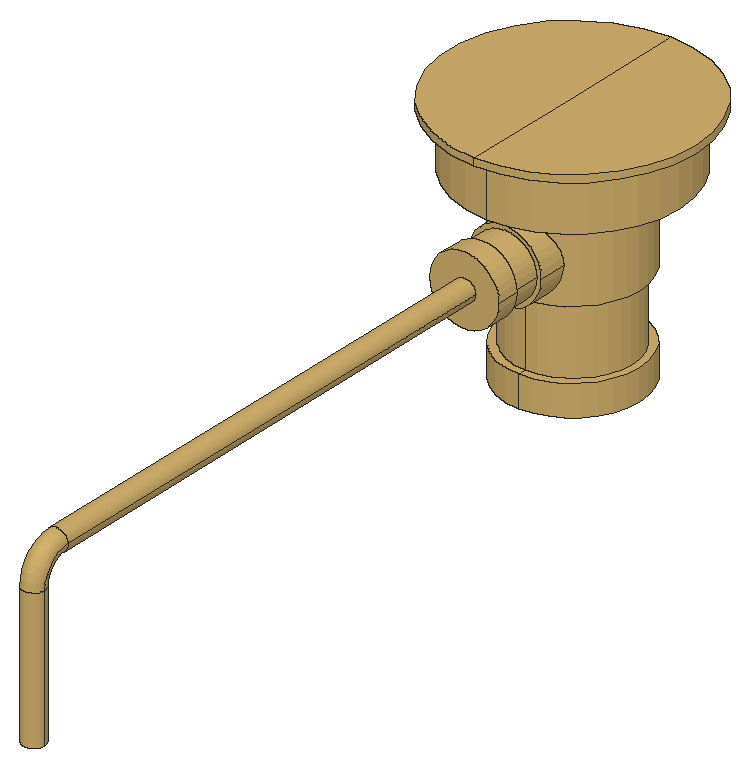
Revit family "QF_FISHER_22209", category Specialty Equipment, Revit 2014
Parameters
  Weight in Pounds = 0
  Waste Water Discharge Temperature = 0 °F
  URL Cutsheet = ""
  Specification by User = ""
  Specification by Manufacturer = ""
  Serial Number = ""
  Seismic Rating = ""
  SMACNA No = ""
  Revision Code = ""
  NAFEM Spec ID Number = ""
  Model = "22209"
  Masterspec = ""
  Manufacturer = "FISHER"
  Length = 8"
  Item Number = ""
  Installed By = ""
  Indirect Waste Size = 3/4"
  Indirect Waste Flow = 0 GPM
  Indirect Waste Connection Type = ""
  Indirect Waste Connection Height = 0"
  Identify Quantity as Lot = yes
  Height = 8"
  Furnished By = ""
  Foodservice Equipment Identifier = yes
  Fixture Finish = QF_Metal - Brass - Polished
  Description = "DRAIN,LEVER HANDLE"
  Depth = 10"
  CSI MasterFormat = ""
Reference planes (in)
  plane 1 "BACK": y = 0
  plane 2: z = 0
  plane 3 "LEFT": x = 0
  plane 4 "RIGHT": x = 8
  plane 5 "FRONT": y = -10
  plane 6 "TOP": z = 8
  plane 7 "Center Y": x = 4
  plane 8 "Center X": y = -5
  plane 9: y = 1.125
  plane 10: x = 2
  plane 11: x = 6
  plane 12: z = 3.125
  plane 13: x = -1.5
  plane 14: x = 9.5
Dimensions and locks (in)
  equal spacing: plane 3 "LEFT", plane 7 "Center Y", plane 4 "RIGHT"
  "Length": plane 3 "LEFT" to plane 4 "RIGHT"
  equal spacing: plane 5 "FRONT", plane 8 "Center X", plane 1 "BACK"
  "Depth": plane 5 "FRONT" to plane 1 "BACK"
  "Height": plane 6 "TOP" to level
  plane 11 to plane 7 "Center Y" to plane 10 = 2" locked, 2" locked
  plane 7 "Center Y" to plane 13 = 5 1/2"
  plane 13 to plane 14 = 11"
  aligned and locked: level to plane 2
Nested families (in)
  nested 1: "waste_valve-fisher-drainking-flat_strainer" at (4, 0, 0), type "22209"
Connectors (in)
  piping at (4, 0, -4.175), diameter 0.75, driven by "Indirect Waste Size"
    settings: on nested 1, index 1, connector inside diameter 24", connector length 0", flow factor 0, pipe flow 0 GPM, pressure drop 0.00 psi, fitting loss kfactor 0, connector angle 0.00°, fixture units 0, engagement length 0", angle of deflection 0.00°, flow configuration 1, flow direction 2, fitting loss method 0, system type 16, joint type 0, gender type 0, connector reference index -1, connector utility 0, adjustable connector no, is connector primary yes, connector description "DRAIN"
Definition of nested family "waste_valve-fisher-drainking-flat_strainer"
  Parameters (values of type "22209")
    Waste Connection Radius = 3/4"
    Waste Connection = no
    WFU = 0
    W Connection Diameter = Waste Connection Radius * 2  # 1 1/2"
    Waste Connection Description = "Waste Out"
    URL = "www.fisher-mfg.com"
    Type Comments = "Brass Finish"
    Model = "22209"
    Manufacturer = "Fisher Manufacturing"
    Fixture Finish = Metal - Fisher - Brass
    Drain Rate = 12 GPM
    Description = "DrainKing Waste Valve with Flat Strainer"
    Default Elevation = 48"
    Assembly Code = "D2030300"
  Types (3): name | Type Comments | Model | Fixture Finish
    (no name) | "Brass Finish" | "22209" | Metal - Fisher - Brass
    22209 | "Brass Finish" | "22209" | Metal - Fisher - Brass
    28932 | "Chrome Plated Finish" | "28932" | Metal - Fisher - Chrome Plated
  Reference planes (in)
    plane 1 "Center (Front/Back)": y = 0
    plane 2: z = 0
    plane 3 "Center (Left/Right)": x = 0
    plane 4: y = -2.125
    plane 5: y = -1.845
    plane 6: y = -1.16
    plane 7: z = 0.125
    plane 8: y = -1.02
    plane 9: z = -4.175
    plane 10: z = -3.645
    plane 11: z = -2.454
    plane 12: z = -1.829
    plane 13: z = -0.954
    plane 14: z = -4.175
    plane 15: z = -1.829
    plane 16: z = 0.125
    plane 17: y = -1.46
    plane 18: y = -2.332
    plane 19: y = -1.952
    plane 20: y = -11.625
    plane 21: z = -4.729
    plane 22: y = -1.325
    plane 23: y = -11.625
    plane 24: y = -2.09306
    plane 25: z = -1.233
    plane 26: z = -2.433
    plane 27: z = -1.284
    plane 28: z = -2.38608
    plane 29: z = -1.204
    plane 30: z = -2.454
    plane 31: y = 2.125
    plane 32: y = 1.845
    plane 33: y = 1.16
    plane 34: y = 1.02
    plane 35: y = 1.16
    plane 36: y = -2.125
    plane 37: y = -1.845
    plane 38: y = -1.16
    plane 39: y = -1.02
    plane 40: y = -1.16
    plane 41: z = -0.95325
    plane 42: z = -3.645
    plane 43: x = -2.125
    plane 44: x = -1.845
    plane 45: x = -1.16
    plane 46: x = -1.02
    plane 47: x = 2.125
    plane 48: x = 1.845
    plane 49: x = 1.16
    plane 50: x = 1.02
    plane 51: z = -0.954
    plane 52: z = -2.454
    plane 53: z = -3.645
    plane 54: x = -0.36704
    plane 55: x = 0.36704
    plane 56: x = -0.1875
    plane 57: x = 0.1875
    plane 58: z = -1.6415
    plane 59: z = -2.0165
    plane 60: y = -11.4375
    plane 61: y = -11.8125
    plane 62: y = -11.125
    plane 63: z = -2.329
    plane 64: x = -0.1875
    plane 65: x = 0.1875
  Forms (in)
    Extrusion 1, solid
      sketch origin (0, 0, 0) x (1, 0, 0) y (0, 1, 0)
        loop
          line (-48, 48) -> (-48, -48) -> (48, -48) -> (48, 48) -> (-48, 48)
      from 0 to -12
    Revolve 2, solid, material "Metal - Fisher - Brass" <- "Fixture Finish"
      sketch origin (0, 0, 0) x (0, 1, 0) y (0, 0, 1)
        loop
          line (0, 0.125) -> (-2.125, 0.125) -> (-2.125, 0) -> (-1.845, 0) -> (-1.845, -0.954) -> (-1.16, -0.954) -> (-1.16, -2.454) -> (-1.02, -2.454) -> (-1.02, -3.645) -> (-1.16, -3.645) -> (-1.16, -4.175) -> (0, -4.175) -> (0, 0.125)
        axis (0, -4.175) -> (0, 0.125)
      angle from 0 to 360
    Extrusion 3, solid, material "Metal - Fisher - Brass" <- "Fixture Finish"
      sketch origin (0, 0, 0) x (1, 0, 0) y (0, 0, 1)
        loop
          circle (0, -1.829) r 0.625
      from 0 to 1.46
    Extrusion 4, solid, material "Metal - Fisher - Brass" <- "Fixture Finish"
      sketch origin (0, 0, 0) x (1, 0, 0) y (0, 0, 1)
        loop
          circle (0, -1.829) r 0.545
      from 1.46 to 1.952
    Extrusion 5, solid, material "Metal - Fisher - Brass" <- "Fixture Finish"
      sketch origin (0, 0, 0) x (1, 0, 0) y (0, 0, 1)
        loop
          circle (0, -1.829) r 0.596
      from 1.952 to 2.332
    Sweep 6, solid, material "Metal - Fisher - Brass" <- "Fixture Finish"
      path origin (0, 0, 0) x (0, 1, 0) y (0, 0, 1)
        loop
          line (-1.325, -1.829) -> (-11.125, -1.829)
          arc (-11.125, -1.829) -> (-11.47855, -1.97545) -> (-11.625, -2.329) r 0.5
          line (-11.625, -2.329) -> (-11.625, -4.729)
      profile origin (0, -6.225, -1.829) x (0, 0, -1) y (1, 0, 0)
        loop
          circle (0, 0) r 0.1875
  Cuts and joins
    joined: Revolve 2, Extrusion 3, Extrusion 4, Extrusion 5, Sweep 6
  Lines and regions (in)
    Masking region 1
      outline origin (0, 0, 0) x (1, 0, 0) y (0, 1, 0)
        loop
          circle (0, 0) r 2.125
    Masking region 2
      outline origin (0, 0, 0) x (0, 1, 0) y (0, 0, 1)
        loop
          line (2.125, 0.125) -> (-2.125, 0.125) -> (-2.125, 0) -> (-1.845, 0) -> (-1.845, -0.95325) -> (-1.16, -0.95325) -> (-1.16, -1.204) -> (-1.46, -1.204) -> (-1.46, -1.284) -> (-1.952, -1.284) -> (-1.952, -1.233) -> (-2.332, -1.233) -> (-2.332, -1.6415) -> (-11.125, -1.6415)
          arc (-11.125, -1.6415) -> (-11.61114, -1.84286) -> (-11.8125, -2.329) r 0.6875
          line (-11.8125, -2.329) -> (-11.8125, -4.729) -> (-11.4375, -4.729) -> (-11.4375, -2.329)
          arc (-11.4375, -2.329) -> (-11.34597, -2.10803) -> (-11.125, -2.0165) r 0.3125
          line (-11.125, -2.0165) -> (-2.332, -2.0165) -> (-2.332, -2.433) -> (-1.952, -2.433) -> (-1.952, -2.38608) -> (-1.46, -2.38608) -> (-1.46, -2.454) -> (-1.02, -2.454) -> (-1.02, -3.645) -> (-1.16, -3.645) -> (-1.16, -4.175) -> (1.16, -4.175) -> (1.16, -3.645) -> (1.02, -3.645) -> (1.02, -2.454) -> (1.16, -2.454) -> (1.16, -0.95325) -> (1.845, -0.95325) -> (1.845, 0) -> (2.125, 0) -> (2.125, 0.125)
    Masking region 3
      outline origin (0, 0, 0) x (1, 0, 0) y (0, 0, 1)
        loop
          line (-2.125, 0.125) -> (-2.125, 0) -> (-1.845, 0) -> (-1.845, -0.954) -> (-1.16, -0.954) -> (-1.16, -2.454) -> (-1.02, -2.454) -> (-1.02, -3.645) -> (-1.16, -3.645) -> (-1.16, -4.175) -> (-0.1875, -4.175) -> (-0.1875, -4.729) -> (0.1875, -4.729) -> (0.1875, -4.175) -> (1.16, -4.175) -> (1.16, -3.645) -> (1.02, -3.645) -> (1.02, -2.454) -> (1.16, -2.454) -> (1.16, -0.954) -> (1.845, -0.954) -> (1.845, 0) -> (2.125, 0) -> (2.125, 0.125) -> (-2.125, 0.125)
    symbolic lines
      curve 1: arc (-0.1875, -11.625, 0) -> (0, -11.8125, 0) -> (0.1875, -11.625, 0) r 0.1875
      curve 2: line (-0.1875, -11.625, 0) -> (-0.1875, -2.09306, 0)
      curve 3: line (0.1875, -11.625, 0) -> (0.1875, -2.09306, 0)
    symbolic lines, detail levels medium+fine
      curve 4: line (-1.845, 0, 0) -> (1.845, 0, 0)
      curve 5: line (-1.16, 0, -0.954) -> (1.16, 0, -0.954)
      curve 6: line (-0.1875, 0, -4.175) -> (-0.1875, 0, -1.829)
      curve 7: line (0.1875, 0, -4.175) -> (0.1875, 0, -1.829)
      curve 8: line (-1.02, 0, -2.454) -> (-0.1875, 0, -2.454)
      curve 9: line (0.1875, 0, -2.454) -> (1.02, 0, -2.454)
      curve 10: line (-1.02, 0, -3.645) -> (-0.1875, 0, -3.645)
      curve 11: line (0.1875, 0, -3.645) -> (1.02, 0, -3.645)
      curve 12: line (0, 1.845, 0) -> (0, -1.845, 0)
      curve 13: line (0, 1.16, -0.954) -> (0, -1.16, -0.954)
      curve 14: line (0, 1.02, -2.454) -> (0, -1.02, -2.454)
      curve 15: line (0, 1.02, -3.645) -> (0, -1.02, -3.645)
      curve 16: line (0, -1.325, -1.204) -> (0, -1.325, -2.454)
      curve 17: line (0, -1.46, -1.284) -> (0, -1.46, -2.38608)
      curve 18: line (0, -1.952, -1.284) -> (0, -1.952, -2.38608)
      curve 19: line (0, -2.332, -1.6415) -> (0, -2.332, -2.0165)
      curve 20: arc (0.1875, 0, -2.42521) -> (0, 0, -1.204) -> (-0.1875, 0, -2.42521) r 0.625
      curve 21: circle (0, 0, 0) r 1.845 normal (0, 0, 1)
      curve 22: arc (-0.1875, 0, -1.829) -> (0, 0, -1.6415) -> (0.1875, 0, -1.829) r 0.1875
  Dimensions and locks (in)
    locked: plane 1 "Center (Front/Back)" to plane 4 at 2.125
    locked: plane 5 to plane 4 at 0.28
    locked: plane 7 to level at 0.125
    locked: plane 1 "Center (Front/Back)" to plane 6 at 1.16
    locked: plane 1 "Center (Front/Back)" to plane 8 at 1.02
    plane 7 to plane 9 = 4.3"
    locked: plane 12 to plane 9 at 2.346
    locked: plane 10 to plane 9 at 0.53
    locked: plane 11 to plane 10 at 1.191
    locked: level to plane 13 at 0.954
    locked: plane 16 to plane 14 at 4.3
    locked: plane 15 to plane 14 at 2.346
    locked: plane 16 to level at 0.125
    locked: plane 1 "Center (Front/Back)" to plane 17 at 1.46
    locked: plane 17 to plane 18 at 0.872
    locked: plane 1 "Center (Front/Back)" to plane 20 at 11.625
    locked: plane 15 to plane 21 at 2.9
    locked: plane 22 to plane 20 at 10.3
    locked: plane 15 to Sweep 6 sketch curve at 0.5
    locked: Sweep 6 sketch curve to plane 20 at 0.5
    Sweep 6 sketch curve to plane 3 "Center (Left/Right)" = 3/16"
    locked: plane 23 to plane 1 "Center (Front/Back)" at 11.625
    locked: plane 24 to plane 1 "Center (Front/Back)" at 2.09306
    plane 31 to plane 32 to plane 33 to plane 35 to plane 34 to plane 1 "Center (Front/Back)" = 0.28" locked, 0.685" locked, 0" locked, 0.14" locked, 1.02" locked
    plane 36 to plane 37 to plane 38 to plane 40 to plane 39 to plane 1 "Center (Front/Back)" = 0.28" locked, 0.685" locked, 0" locked, 0.14" locked, 1.02" locked
    plane 47 to plane 48 to plane 49 to plane 50 to plane 3 "Center (Left/Right)" to plane 46 to plane 45 to plane 44 to plane 43 = 0.28" locked, 0.685" locked, 0.14" locked, 1.02" locked, 1.02" locked, 0.14" locked, 0.685" locked, 0.28" locked
    Extrusion 1 to plane 51 to plane 52 to plane 53 to plane 14 to plane 21 = 0.954" locked, 1 1/2" locked, 1.191" locked, 0.53" locked, 0.554" locked
    locked: plane 58 to plane 15 at 0.1875
    locked: plane 59 to plane 15 at 0.1875
    locked: plane 60 to plane 23 at 0.1875
    locked: plane 61 to plane 23 at 0.1875
    locked: plane 62 to plane 23 at 0.5
    locked: plane 15 to plane 63 at 0.5
    locked: plane 64 to plane 3 "Center (Left/Right)" at 0.1875
    locked: plane 65 to plane 3 "Center (Left/Right)" at 0.1875
    aligned and locked: plane 2 to Extrusion 1
    aligned and locked: level to Extrusion 1
    aligned and locked: plane 1 "Center (Front/Back)" to Revolve 2 sketch curve
    aligned and locked: level to Revolve 2 sketch curve
    aligned and locked: Revolve 2 sketch curve to plane 1 "Center (Front/Back)"
    aligned and locked: plane 3 "Center (Left/Right)" to Extrusion 3 sketch curve
    aligned and locked: Extrusion 3 to plane 1 "Center (Front/Back)"
    aligned and locked: Revolve 2 sketch curve to plane 7
    aligned and locked: plane 4 to Revolve 2 sketch curve
    aligned and locked: plane 5 to Revolve 2 sketch curve
    aligned and locked: plane 9 to Revolve 2 sketch curve
    aligned and locked: plane 8 to Revolve 2 sketch curve
    aligned and locked: plane 6 to Revolve 2 sketch curve
    aligned and locked: plane 10 to Revolve 2 sketch curve
    aligned and locked: plane 11 to Revolve 2 sketch curve
    aligned and locked: Revolve 2 sketch curve to plane 6
    aligned and locked: plane 13 to Revolve 2 sketch curve
    aligned and locked: plane 15 to Extrusion 3 sketch curve
    aligned and locked: plane 3 "Center (Left/Right)" to Extrusion 4 sketch curve
    aligned and locked: plane 15 to Extrusion 4 sketch curve
    aligned and locked: Extrusion 4 to plane 17
    aligned and locked: plane 15 to Extrusion 5 sketch curve
    aligned and locked: plane 3 "Center (Left/Right)" to Extrusion 5 sketch curve
    aligned and locked: Extrusion 5 to plane 19
    aligned and locked: plane 19 to Extrusion 4
    aligned and locked: plane 18 to Extrusion 5
    aligned and locked: plane 15 to Sweep 6 sketch curve  (x2)
    aligned and locked: plane 20 to Sweep 6 sketch curve
    aligned and locked: plane 21 to Sweep 6 sketch curve
    aligned and locked: plane 22 to Sweep 6 sketch curve
    aligned and locked: plane 3 "Center (Left/Right)" to Sweep 6 sketch curve
    aligned and locked: plane 3 "Center (Left/Right)" to Masking region 1 sketch curve
    aligned and locked: plane 1 "Center (Front/Back)" to Masking region 1 sketch curve
    aligned and locked: plane 24 to curve 3
    aligned and locked: plane 24 to curve 2
    aligned: plane 3 "Center (Left/Right)" to curve 1
    aligned and locked: plane 23 to curve 1
    aligned and locked: Masking region 2 sketch curve to plane 31
    aligned and locked: Masking region 2 sketch curve to plane 16
    aligned and locked: Masking region 2 sketch curve to level
    aligned and locked: Masking region 2 sketch curve to plane 32
    aligned and locked: Masking region 2 sketch curve to plane 33
    aligned and locked: Masking region 2 sketch curve to plane 34
    aligned and locked: Masking region 2 sketch curve to plane 35
    aligned and locked: Masking region 2 sketch curve to plane 14
    aligned and locked: plane 40 to Masking region 2 sketch curve
    aligned and locked: plane 39 to Masking region 2 sketch curve
    aligned and locked: plane 38 to Masking region 2 sketch curve
    aligned and locked: plane 37 to Masking region 2 sketch curve
    aligned and locked: plane 36 to Masking region 2 sketch curve
    aligned and locked: level to Masking region 2 sketch curve
    aligned and locked: plane 42 to Masking region 2 sketch curve
    aligned and locked: Masking region 2 sketch curve to plane 42
    aligned and locked: plane 30 to Masking region 2 sketch curve
    aligned and locked: Masking region 2 sketch curve to plane 41
    aligned and locked: plane 41 to Masking region 2 sketch curve
    aligned and locked: Masking region 2 sketch curve to plane 25
    aligned and locked: Masking region 2 sketch curve to plane 27
    aligned and locked: Masking region 2 sketch curve to plane 30
    aligned and locked: plane 17 to Masking region 2 sketch curve
    aligned and locked: Masking region 2 sketch curve to Extrusion 5  (x2)
    aligned and locked: Masking region 2 sketch curve to plane 21
    aligned and locked: Masking region 2 sketch curve to plane 18  (x2)
    aligned and locked: plane 19 to Masking region 2 sketch curve  (x2)
    aligned and locked: Masking region 2 sketch curve to plane 17
    aligned and locked: plane 26 to Masking region 2 sketch curve
    aligned and locked: Masking region 2 sketch curve to plane 28
    aligned and locked: plane 29 to Masking region 2 sketch curve
    aligned and locked: Masking region 3 sketch curve to plane 16
    aligned and locked: Masking region 3 sketch curve to plane 43
    aligned and locked: Masking region 3 sketch curve to plane 44
    aligned and locked: Masking region 3 sketch curve to plane 45  (x2)
    aligned and locked: Masking region 3 sketch curve to plane 51  (x2)
    aligned and locked: Masking region 3 sketch curve to plane 52  (x2)
    aligned and locked: Masking region 3 sketch curve to plane 46
    aligned and locked: Masking region 3 sketch curve to plane 53  (x2)
    aligned and locked: Masking region 3 sketch curve to plane 14  (x2)
    aligned and locked: plane 47 to Masking region 3 sketch curve
    aligned and locked: plane 48 to Masking region 3 sketch curve
    aligned and locked: plane 49 to Masking region 3 sketch curve  (x2)
    aligned and locked: Extrusion 1 to Masking region 3 sketch curve  (x2)
    aligned and locked: plane 50 to Masking region 3 sketch curve
    aligned and locked: Masking region 3 sketch curve to plane 21
    aligned: Masking region 3 sketch curve to plane 54
    aligned: Masking region 3 sketch curve to plane 55
    aligned and locked: curve 4 to Extrusion 1
    aligned and locked: plane 44 to curve 4
    aligned and locked: plane 48 to curve 4
    aligned and locked: curve 5 to plane 51
    aligned and locked: plane 49 to curve 5
    aligned and locked: plane 45 to Masking region 3
    aligned: curve 6 to plane 54
    aligned: curve 7 to plane 55
    aligned and locked: plane 14 to curve 6
    aligned and locked: plane 14 to curve 7
    aligned: plane 15 to curve 6
    aligned and locked: plane 15 to curve 7
    aligned and locked: curve 11 to plane 53
    aligned and locked: curve 10 to plane 53
    aligned and locked: curve 8 to plane 52
    aligned and locked: curve 9 to plane 52
    aligned: plane 54 to curve 8
    aligned and locked: plane 46 to curve 8
    aligned: plane 55 to curve 9
    aligned and locked: plane 50 to curve 9
    aligned and locked: plane 50 to curve 11
    aligned: plane 55 to curve 11
    aligned: plane 54 to curve 10
    aligned and locked: plane 46 to curve 10
    aligned and locked: curve 15 to plane 53
    aligned and locked: curve 14 to plane 52
    aligned and locked: curve 13 to plane 51
    aligned and locked: curve 12 to Extrusion 1
    aligned and locked: Masking region 2 to curve 12
    aligned and locked: curve 12 to Masking region 2
    aligned and locked: Masking region 2 to curve 13  (x2)
    aligned and locked: Masking region 2 to curve 14
    aligned and locked: curve 15 to Masking region 2
    aligned and locked: curve 14 to Masking region 2
    aligned and locked: Masking region 2 to curve 15
    aligned and locked: curve 16 to plane 22
    aligned and locked: Masking region 2 to curve 16
    aligned and locked: plane 52 to curve 16
    aligned and locked: Masking region 2 to curve 17  (x2)
    aligned and locked: Masking region 2 to curve 18  (x2)
    aligned and locked: Masking region 2 to curve 19  (x2)
    aligned and locked: curve 17 to plane 17
    aligned and locked: curve 18 to plane 19
    aligned and locked: curve 19 to plane 18
    aligned and locked: plane 15 to curve 20
    aligned and locked: plane 3 "Center (Left/Right)" to curve 20
    aligned and locked: plane 3 "Center (Left/Right)" to curve 21
    aligned and locked: plane 1 "Center (Front/Back)" to curve 21
    aligned and locked: plane 56 to cut or joined group of Revolve 2, Extrusion 3, Extrusion 4, Extrusion 5, Sweep 6
    aligned and locked: plane 57 to cut or joined group of Revolve 2, Extrusion 3, Extrusion 4, Extrusion 5, Sweep 6
    aligned and locked: plane 56 to Masking region 3 sketch curve
    aligned and locked: plane 57 to Masking region 3 sketch curve
    aligned and locked: plane 56 to curve 6
    aligned and locked: plane 57 to curve 7
    aligned and locked: plane 15 to curve 6
    aligned and locked: plane 15 to cut or joined group of Revolve 2, Extrusion 3, Extrusion 4, Extrusion 5, Sweep 6
    aligned and locked: plane 15 to curve 22  (x2)
    aligned and locked: plane 57 to curve 22
    aligned and locked: plane 56 to curve 22
    aligned and locked: Masking region 2 sketch curve to plane 58
    aligned and locked: Masking region 2 sketch curve to plane 59
    aligned and locked: Masking region 2 sketch curve to plane 60
    aligned and locked: Masking region 2 sketch curve to plane 61  (x2)
    aligned and locked: plane 63 to Masking region 2 sketch curve  (x4)
    aligned and locked: plane 62 to Masking region 2 sketch curve  (x4)
    aligned and locked: plane 58 to Masking region 2 sketch curve
    aligned and locked: plane 59 to Masking region 2 sketch curve
    aligned and locked: plane 60 to Masking region 2 sketch curve
    aligned and locked: curve 2 to plane 64
    aligned and locked: curve 3 to plane 65
  Connectors (in)
    piping at (0, 0, -4.175), diameter 1.5, driven by "Waste Connection Radius", driven by "Drain Rate", driven by "Waste Connection", driven by "Waste Connection Description", driven by "WFU"
      settings: on cut or joined group of Revolve 2, Extrusion 3, Extrusion 4, Extrusion 5, Sweep 6, index 1, connector inside diameter 1 1/2", connector length 0", flow factor 0, pipe flow 12 GPM, pressure drop 0.00 psi, fitting loss kfactor 0, connector angle 0.00°, fixture units 0, engagement length 0", angle of deflection 0.00°, flow configuration 3, flow direction 2, fitting loss method 0, system type 16, joint type 0, gender type 0, connector reference index -1, connector utility 0, adjustable connector no, is connector primary yes, connector description "Waste Out"
